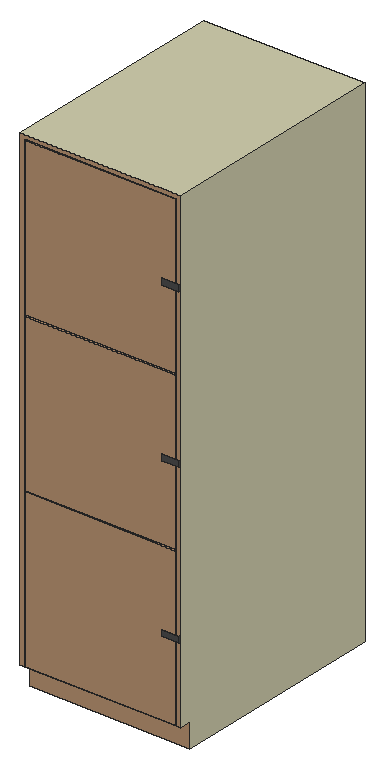
Revit family "Cabinet_Wenger_UltraStor_11", category Furniture, Revit 2015
Parameters (values of type "UltraStor Cabinet #11 - Comp Wood Doors")
  URL = "https://www.wengercorp.com/"
  Type Comments = ""
  Specification = "http://www.arcat.com/sdspecs/htm04/12_35_83wen.htm"
  Shelf Thickness = 0' - 1 1/8"
  Sales Information = "https://www.wengercorp.com/contact-us.php"
  Revision = "R1_2018-04"
  Rear Panel Thickness = 0' - 0 3/4"
  Product Data = "http://www.arcat.com/arcatcos/cos36/arc36487.html"
  Manufacturer Website = "https://www.wengercorp.com/"
  Manufacturer Phone - Toll Free = "800-4WENGER"
  Manufacturer Phone = "(507) 455-4100"
  Manufacturer Fax = "(507) 455-4258"
  Manufacturer Address = "555 Park Dr., Owatonna, MN 55060"
  Keynote = "12 35 83"
  HasDoors = yes
  Green Building-LEED = "http://www.arcat.com/green/clients/leed_data_36487.html"
  Drawn By = "Sumex Design, Inc. / Robert S. Weygant, CSI, CDT, SCIP"
  Door Width = (Cabinet Width - 0' 3") / 3  # 0' - 8.16667"
  Door Style = Door_Base : Solid Door
  Door Material [instance] = Wenger Cherry (Use Cherry Edge Band Only)
  Door Height = (Cabinet Height - 0' 4 3/4") / 5  # 1' - 4.175"
  Toe Kick Material [instance] = Wenger Cherry (Use Cherry Edge Band Only)
  RH End Panel [instance] = no
  Model = "#11"
  Manufacturer = "Wenger Corporation"
  LH End Panel [instance] = no
  End Panel Material [instance] = Wenger Cherry (Use Cherry Edge Band Only)
  Edge Banding Material [instance] = Wenger Cherry (Use Cherry Edge Band Only)
  Cost = 0
  Copyright = "© 2018 Arcat Inc."
  Construction Details = "http://www.arcat.com/details/wengerco/wengerco.html?coid=36487"
  Body Material [instance] = Wenger - Oyster
  Description = "Wenger UltraStor Cabinet #11 - Comp Wood Doors"
  Cabinet Width = 2' - 3 1/2"
  Cabinet Height = 7' - 1 5/8"
  Installed Depth = 3' - 3 1/4"
  Cabinet Panel Thickness = 0' - 0 3/4"
  Assembly Code = "E2010200"
Types (14): name | Shelf Thickness | Rear Panel Thickness | HasDoors | Door Width | Door Style | Door Material | Model | Description | Cabinet Width | Installed Depth
  Acoustic Cabinet #11 - No Doors | 0' - 1.26667" | 0' - 3 1/4" | no | 0' - 8.16667" | Door_Base : Solid Door | none | "#11A" | "Wenger Acoustic Cabinet #11 - No Doors" | 2' - 3 1/2" | 3' - 5 3/4"
  Narrow Acoustic Cabinet #11 - No Doors | 0' - 1 1/8" | 0' - 3 1/4" | no | 0' - 6.16667" | Door_Base : Solid Door | none | "#11NA" | "Wenger Narrow Acoustic Cabinet #11 - No Doors" | 1' - 9 1/2" | 3' - 5 3/4"
  Acoustic Cabinet #11 - Comp Grille Doors | 0' - 1 1/8" | 0' - 3 1/4" | yes | 0' - 8.16667" | Door_Base : Bars | Painted Black | "#11A" | "Wenger Acoustic Cabinet #11 - Comp Grille Doors" | 2' - 3 1/2" | 3' - 5 3/4"
  Acoustic Cabinet #11 - Comp Waterfall Grille Doors | 0' - 1 1/8" | 0' - 3 1/4" | yes | 0' - 8.16667" | Door_Base : Waterfall | Painted Black | "#11A" | "Wenger Acoustic Cabinet #11 - Comp Waterfall Grille Doors" | 2' - 3 1/2" | 3' - 5 3/4"
  Narrow Acoustic Cabinet #11 - Comp Waterfall Grille Doors | 0' - 1 1/8" | 0' - 3 1/4" | yes | 0' - 6.16667" | Door_Base : Waterfall | Painted Black | "#11NA" | "Wenger Narrow Acoustic Cabinet #11 - Comp Waterfall Grille Doors" | 1' - 9 1/2" | 3' - 5 3/4"
  Narrow Acoustic Cabinet #11 - Comp Grille Doors | 0' - 1 1/8" | 0' - 3 1/4" | yes | 0' - 6.16667" | Door_Base : Bars | Painted Black | "#11NA" | "Wenger Narrow Acoustic Cabinet #11 - Comp Grille Doors" | 1' - 9 1/2" | 3' - 5 3/4"
  Narrow UltraStor Cabinet #11 - Comp Waterfall Grille Doors | 0' - 1 1/8" | 0' - 0 3/4" | yes | 0' - 6.16667" | Door_Base : Waterfall | Painted Black | "#11N" | "Wenger Narrow Cabinet #11 - Comp Waterfall Grille Doors" | 1' - 9 1/2" | 3' - 3 1/4"
  Narrow UltraStor Cabinet #11 - Comp Grille Doors | 0' - 1 1/8" | 0' - 0 3/4" | yes | 0' - 6.16667" | Door_Base : Bars | Painted Black | "#11N" | "Wenger Narrow Cabinet #11 - Comp Grille Doors" | 1' - 9 1/2" | 3' - 3 1/4"
  UltraStor Cabinet #11 - Comp Waterfall Grille Doors | 0' - 1 1/8" | 0' - 0 3/4" | yes | 0' - 8.16667" | Door_Base : Waterfall | Painted Black | "#11" | "Wenger UltraStor Cabinet #11 - Comp Waterfall Grille Doors" | 2' - 3 1/2" | 3' - 3 1/4"
  UltraStor Cabinet #11 - Comp Wood Doors | 0' - 1 1/8" | 0' - 0 3/4" | yes | 0' - 8.16667" | Door_Base : Solid Door | Wenger Cherry (Use Cherry Edge Band Only) | "#11" | "Wenger UltraStor Cabinet #11 - Comp Wood Doors" | 2' - 3 1/2" | 3' - 3 1/4"
  Narrow UltraStor Cabinet #11 - No Doors | 0' - 1 1/8" | 0' - 0 3/4" | no | 0' - 6.16667" | Door_Base : Solid Door | none | "#11N" | "Wenger Narrow Cabinet #11 - No Doors" | 1' - 9 1/2" | 3' - 3 1/4"
  Narrow UltraStor Cabinet #11 - Comp Wood Doors | 0' - 1 1/8" | 0' - 0 3/4" | yes | 0' - 6.16667" | Door_Base : Solid Door | Wenger Cherry (Use Cherry Edge Band Only) | "#11N" | "Wenger Narrow Cabinet #11 - Comp Wood Doors" | 1' - 9 1/2" | 3' - 3 1/4"
  UltraStor Cabinet #11 - Comp Grille Doors | 0' - 1 1/8" | 0' - 0 3/4" | yes | 0' - 8.16667" | Door_Base : Bars | Painted Black | "#11" | "Wenger UltraStor Cabinet #11 - Comp Grille Doors" | 2' - 3 1/2" | 3' - 3 1/4"
  UltraStor Cabinet #11 - No Doors | 0' - 1.26667" | 0' - 0 3/4" | no | 0' - 8.16667" | Door_Base : Solid Door | none | "#11" | "Wenger UltraStor Cabinet #11 - No Doors" | 2' - 3 1/2" | 3' - 3 1/4"
Reference planes (in)
  plane 1 "Front": y = 0
  plane 2: z = 0
  plane 3 "Left": x = 0
  plane 4 "Right": x = 27.5
  plane 5 "Back": y = 39.25
  plane 6 "Top": z = 85.625
  plane 7: z = 4
  plane 8: z = 30.95833
  plane 9: z = 57.91667
  plane 10: x = 0.75
  plane 11: x = 26.75
  plane 12: z = 84.875
  plane 13: x = 8.91667
  plane 14: x = 9.66667
  plane 15: x = 17.83333
  plane 16: x = 18.58333
  plane 17: y = 38.5
  plane 18: y = 2
  plane 19: y = 0.75
  plane 20: z = 32.08333
  plane 21: z = 59.04167
  plane 22: z = 5.125
Forms (in)
  Extrusion 1, solid, material "Wenger - Oyster" <- "Body Material"
    sketch origin (0, 0, 0) x (0, 1, 0) y (0, 0, 1)
      loop
        line (0, 85.625) -> (0, 4) -> (2, 4) -> (2, 0) -> (39.25, 0) -> (39.25, 85.625) -> (0, 85.625)
    from 0 to 27.5
  Extrusion 2, void
    sketch origin (0, 0, 0) x (0, 1, 0) y (0, 0, 1)
      loop
        line (-5.5, 84.875) -> (-5.5, 57.91667) -> (1.92236, 57.91667)
        arc (1.92236, 57.91667) -> (1.4983, 58.45738) -> (1.85997, 59.04167) r 0.60004
        line (1.85997, 59.04167) -> (38.5, 59.04167) -> (38.5, 84.875) -> (-5.5, 84.875)
    from 0.75 to 26.75
  Extrusion 3, void
    sketch origin (0, 0, 0) x (0, 1, 0) y (0, 0, 1)
      loop
        line (-5.5, 57.91667) -> (-5.5, 30.95833) -> (0.75, 30.95833)
        arc (0.75, 30.95833) -> (1.18296, 31.73421) -> (2, 32.08333) r 1.375
        line (2, 32.08333) -> (38.5, 32.08333) -> (38.5, 57.91667) -> (-5.5, 57.91667)
    from 0.75 to 26.75
  Extrusion 4, void
    sketch origin (0, 0, 0) x (0, 1, 0) y (0, 0, 1)
      loop
        line (0, 84.875) -> (0, 4) -> (0.0625, 4) -> (0.0625, 84.875) -> (0, 84.875)
    from 0.75 to 26.75
  Extrusion 5, void
    sketch origin (0, 0, 0) x (1, 0, 0) y (0, 0, 1)
      loop
        line (0.75, 30.95833) -> (0.75, 5.125) -> (26.75, 5.125) -> (26.75, 30.95833) -> (0.75, 30.95833)
    from -38.5 to 0
Cuts and joins
  Extrusion 2, Extrusion 3, Extrusion 4, Extrusion 5 cuts Extrusion 1
Lines and regions (in)
  Masking region 1
    outline origin (0, 0, 0) x (1, 0, 0) y (0, 1, 0)
      loop
        line (0, 39.25) -> (0, 0) -> (27.5, 0) -> (27.5, 39.25) -> (0, 39.25)
Dimensions and locks (in)
  "Cabinet Panel Thickness": plane 3 "Left" to plane 10
  "Cabinet Panel Thickness": plane 11 to plane 4 "Right"
  "Cabinet Panel Thickness": plane 5 "Back" to plane 17
  locked: plane 1 "Front" to plane 19 at 0.75
  locked: plane 1 "Front" to plane 18 at 2
  "Shelf Thickness": plane 20 to plane 8
  "Shelf Thickness": plane 21 to plane 9
  "Cabinet Panel Thickness": plane 6 "Top" to plane 12
  equal spacing: plane 12, plane 9, plane 8, plane 7
  "Shelf Thickness": plane 22 to plane 7
  "Cabinet Width": plane 3 "Left" to plane 4 "Right"
  locked: plane 7 to level at 4
  "Cabinet Height": plane 6 "Top" to level
  "Installed Depth": plane 1 "Front" to plane 5 "Back"
  "Door Width": plane 13 to plane 10
  "Door Width": plane 15 to plane 14
  "Door Width": plane 11 to plane 16
  plane 3 "Left" to plane 4 "Right" = 2' - 3 1/2"
  locked: plane 16 to plane 15 at 0.75
  equal spacing: plane 14, nested 2, plane 15
  equal spacing: plane 5 "Back", nested 2, plane 1 "Front"
  nested 5 to plane 4 "Right" = 1' - 1 3/4"
  aligned and locked: Extrusion 1 sketch curve to plane 6 "Top"
  aligned and locked: Extrusion 1 sketch curve to plane 5 "Back"
  aligned and locked: Extrusion 1 sketch curve to plane 1 "Front"
  aligned and locked: Extrusion 1 sketch curve to plane 7
  aligned and locked: Extrusion 1 sketch curve to plane 18
  aligned and locked: Extrusion 1 sketch curve to level
  aligned and locked: Extrusion 1 to plane 4 "Right"
  aligned and locked: Extrusion 1 to plane 3 "Left"
  aligned and locked: Extrusion 2 sketch curve to plane 12
  aligned and locked: Extrusion 2 sketch curve to plane 17
  aligned and locked: Extrusion 2 sketch curve to plane 9
  aligned and locked: Extrusion 2 sketch curve to plane 21
  aligned and locked: Extrusion 2 to plane 10
  aligned and locked: Extrusion 3 to plane 11
  aligned and locked: Extrusion 4 sketch curve to cut or joined group of Extrusion 1, Extrusion 2, Extrusion 3, Extrusion 4, Extrusion 5  (x3)
  aligned and locked: Extrusion 4 to plane 11
  aligned and locked: Extrusion 4 to plane 10
  aligned and locked: nested 3 to plane 10
  aligned and locked: nested 3 to plane 9
  aligned and locked: cut or joined group of Extrusion 1, Extrusion 2, Extrusion 3, Extrusion 4, Extrusion 5 to plane 11  (x2)
  aligned and locked: plane 9 to cut or joined group of Extrusion 1, Extrusion 2, Extrusion 3, Extrusion 4, Extrusion 5
  aligned and locked: nested 4 to plane 8
  aligned and locked: nested 4 to plane 10
  aligned and locked: nested 5 to plane 10
  aligned and locked: plane 7 to cut or joined group of Extrusion 1, Extrusion 2, Extrusion 3, Extrusion 4, Extrusion 5
  aligned and locked: nested 5 to plane 7
  aligned and locked: plane 1 "Front" to nested 6
  aligned and locked: nested 6 to level
  aligned and locked: nested 6 to plane 4 "Right"
  aligned and locked: Masking region 1 sketch curve to plane 5 "Back"
  aligned and locked: Masking region 1 sketch curve to plane 1 "Front"
  aligned and locked: plane 3 "Left" to Masking region 1 sketch curve
  aligned and locked: plane 4 "Right" to Masking region 1 sketch curve
  aligned and locked: plane 8 to nested 5
  aligned and locked: nested 5 to plane 11
  aligned and locked: Extrusion 5 sketch curve to nested 5  (x2)
  aligned and locked: plane 22 to Extrusion 5 sketch curve
  aligned and locked: plane 11 to Extrusion 5 sketch curve
  aligned and locked: plane 17 to Extrusion 5
  aligned and locked: plane 1 "Front" to Extrusion 5
  aligned and locked: Extrusion 3 to plane 10
  aligned and locked: plane 9 to nested 4
  aligned and locked: nested 4 to plane 11
  aligned and locked: nested 3 to plane 11
Automatic sketch dimensions
  plane 19 to Extrusion 4 sketch curve = 0' - 0 11/16"
  Extrusion 3 sketch curve to plane 8 = 0' - 0"
  Extrusion 3 sketch curve to plane 19 = 0' - 0"
  Extrusion 3 sketch curve to plane 18 = 0' - 0"
  Extrusion 3 sketch curve to plane 17 = 0' - 0"
  plane 1 "Front" to Extrusion 3 sketch curve = 0' - 5 1/2"
  Extrusion 3 sketch curve to plane 18 = 0' - 0.10279"
  plane 18 to Extrusion 2 sketch curve = 0' - 0.14003"
  plane 1 "Front" to Extrusion 2 sketch curve = 0' - 5 1/2"
  Extrusion 2 sketch curve to plane 18 = 0' - 0.09742"
  Extrusion 2 sketch curve to plane 19 = 0' - 1.17236"
  Extrusion 3 sketch curve to plane 9 = 0' - 0"
  Extrusion 3 sketch curve to plane 20 = 0' - 0"
Nested families (in)
  nested 1: "End Panel" at (0, 24.25, 0) x (0, -1, 0) z (0, 0, 1), End Panel Material <- "End Panel Material", visible <- "LH End Panel", Edge Banding Material <- "Edge Banding Material", type "End Panel"
    with End Panel Material Wenger Cherry (Use Cherry Edge Band Only), Edge Banding Material Wenger Cherry (Use Cherry Edge Band Only), End Panel Depth 3' - 3 1/4"
  nested 2: "Labels" at (13.75, 19.625, 0), type "Labels"
  nested 3: "Door_Base" at (13.75, 0, 57.91667) x (1, 0, 0) z (0, -1, 0), type <- "Door Style", visible <- "HasDoors", type "Solid Door", detail levels medium+fine
    with vBars 24, Width 2' - 2", ToeKick Height 0' - 4", MidBar no, Height 2' - 2.95833", BarHt 2' - 2.45833", 2HzBars no
  nested 4: "Door_Base" at (13.75, 0, 30.95833) x (1, 0, 0) z (0, -1, 0), type <- "Door Style", visible <- "HasDoors", type "Solid Door", detail levels medium+fine
    with vBars 24, Width 2' - 2", ToeKick Height 0' - 4", MidBar no, Height 2' - 2.95833", BarHt 2' - 2.45833", 2HzBars no
  nested 5: "Door_Base" at (13.75, 0, 4) x (1, 0, 0) z (0, -1, 0), type <- "Door Style", visible <- "HasDoors", type "Solid Door", detail levels medium+fine
    with vBars 24, Width 2' - 2", ToeKick Height 0' - 4", MidBar no, Height 2' - 2.95833", BarHt 2' - 2.45833", 2HzBars no
  nested 6: "End Panel" at (28.25, 24.25, 0) x (0, -1, 0) z (0, 0, 1), End Panel Material <- "End Panel Material", Edge Banding Material <- "Edge Banding Material", visible <- "RH End Panel", type "End Panel"
    with End Panel Material Wenger Cherry (Use Cherry Edge Band Only), Edge Banding Material Wenger Cherry (Use Cherry Edge Band Only), End Panel Depth 3' - 3 1/4"
Definition of nested family "End Panel"
  Parameters (values of type "End Panel")
    End Panel Material [instance] = none
    End Panel Height = 7' - 1 5/8"
    End Panel Depth = 1' - 9 3/4"
    Edge Banding Material [instance] = none
    Default Elevation = 4' - 0"
    Assembly Code = ""
  Reference planes (in)
    plane 1 "Center (Front/Back)": y = 0
    plane 2: z = 0
    plane 3 "Center (Left/Right)": x = 0
    plane 4: x = -15
    plane 5: x = 6.75
    plane 6: z = 4
    plane 7: x = 4.75
    plane 8: z = 85.625
    plane 9: y = -0.75
  Forms (in)
    Extrusion 1, solid, material <- "End Panel Material"
      sketch origin (0, 0, 0) x (1, 0, 0) y (0, 0, 1)
        loop
          line (-15, 85.625) -> (-15, 0) -> (4.75, 0) -> (4.75, 4) -> (6.75, 4) -> (6.75, 85.625) -> (-15, 85.625)
      from 0 to 0.75
  Lines and regions (in)
    Masking region 1, detail levels coarse+medium
      outline origin (0, 0, 0) x (1, 0, 0) y (0, 1, 0)
        loop
          line (-15, 0) -> (-15, -0.75) -> (6.75, -0.75) -> (6.75, 0) -> (-15, 0)
  Dimensions and locks (in)
    locked: plane 7 to plane 5 at 2
    locked: plane 6 to level at 4
    "End Panel Height": plane 8 to level
    "End Panel Depth": plane 5 to plane 4
    locked: plane 9 to plane 1 "Center (Front/Back)" at 0.75
    aligned and locked: plane 4 to Extrusion 1 sketch curve
    aligned and locked: level to Extrusion 1 sketch curve
    aligned and locked: plane 7 to Extrusion 1 sketch curve
    aligned and locked: plane 6 to Extrusion 1 sketch curve
    aligned and locked: Extrusion 1 sketch curve to plane 5
    aligned and locked: Extrusion 1 sketch curve to plane 8
    aligned and locked: Extrusion 1 to plane 9
    aligned and locked: Extrusion 1 to plane 1 "Center (Front/Back)"
    aligned and locked: plane 4 to Masking region 1 sketch curve
    aligned and locked: Masking region 1 sketch curve to plane 5
    aligned and locked: plane 1 "Center (Front/Back)" to Masking region 1 sketch curve
    aligned and locked: plane 9 to Masking region 1 sketch curve
Definition of nested family "Door_Base"
  Parameters (values of type "None")
    vBars [instance] = (Width - 0' 2") / 0' 1"  # 6
    Width [instance] = 0' - 8"
    ToeKick Height [instance] = 0' - 4"
    Thickness = 0' - 0 3/4"
    Solid Door = no
    Shelf Thickness = 0' - 0 3/4"
    Panel Thickness = 0' - 0 3/4"
    MidBar [instance] = and(Height < 1' 6", HasDoor, not(Solid Door))  # no
    Height [instance] = 1' - 2 5/8"
    HasDoor = no
    Edge Banding = none
    DoorGap = 0' - 0 1/8"
    Door Finish = none
    Depth = 2' - 0"
    Default Elevation = 4' - 0"
    Bars = no
    BarStyle = Bars : Waterfall
    BarHt [instance] = Height - 0' 0 1/2"  # 1' - 2 1/8"
    2HzBars [instance] = and(Height > 1' 6", not(Solid Door))  # no
  Types (4): name | Thickness | Solid Door | MidBar | HasDoor | Bars | BarStyle
    Solid Door | 0' - 0 3/4" | yes | no | yes | no | Bars : Waterfall
    Bars | 0' - 0 1/4" | no | yes | yes | yes | Bars : Straight
    Waterfall | 0' - 0 3/4" | no | yes | yes | yes | Bars : Waterfall
    None | 0' - 0 3/4" | no | no | no | no | Bars : Waterfall
  Reference planes (in)
    plane 1 "Center (Front/Back)": y = 0
    plane 2: z = 0
    plane 3 "Center (Left/Right)": x = 0
    plane 4: x = -4
    plane 5: y = 14.625
    plane 6: x = 4
    plane 7: z = -0.75
    plane 8: x = -3.875
    plane 9: x = 3.875
    plane 10: y = 0.125
    plane 11: y = 14.5
    plane 12: y = -0.75
    plane 13 "CL Elev": y = 7.3125
    plane 14: x = -3.75
    plane 15: x = 3.75
    plane 16 "BtmRail": y = 0.25
    plane 17: y = 14.375
    plane 18: z = -0.125
    plane 19: x = -2.75
    plane 20: x = 2.75
    plane 21: y = 9.66667
    plane 22: y = 4.95833
  Forms (in)
    Extrusion 1, solid, material <- "Door Finish", visible <- "Solid Door", detail levels medium+fine
      sketch origin (0, 0, 0) x (1, 0, 0) y (0, 1, 0)
        loop
          arc (-3.75, 14.5) -> (-3.83839, 14.46339) -> (-3.875, 14.375) r 0.125
          line (-3.875, 14.375) -> (-3.875, 0.25)
          arc (-3.875, 0.25) -> (-3.83839, 0.16161) -> (-3.75, 0.125) r 0.125
          line (-3.75, 0.125) -> (3.75, 0.125)
          arc (3.75, 0.125) -> (3.83839, 0.16161) -> (3.875, 0.25) r 0.125
          line (3.875, 0.25) -> (3.875, 14.375)
          arc (3.875, 14.375) -> (3.83839, 14.46339) -> (3.75, 14.5) r 0.125
          line (3.75, 14.5) -> (-3.75, 14.5)
      from 0 to -0.75
    Sweep 2, solid, material <- "Door Finish", visible <- "Bars", detail levels medium+fine
      path origin (0, 0, 0) x (1, 0, 0) y (0, 1, 0)
        loop
          arc (-3.125, 14.5) -> (-3.65533, 14.28033) -> (-3.875, 13.75) r 0.75
          line (-3.875, 13.75) -> (-3.875, 0.875)
          arc (-3.875, 0.875) -> (-3.65533, 0.34467) -> (-3.125, 0.125) r 0.75
          line (-3.125, 0.125) -> (3.125, 0.125)
          arc (3.125, 0.125) -> (3.65533, 0.34467) -> (3.875, 0.875) r 0.75
          line (3.875, 0.875) -> (3.875, 13.75)
          arc (3.875, 13.75) -> (3.65533, 14.28033) -> (3.125, 14.5) r 0.75
          line (3.125, 14.5) -> (-3.125, 14.5)
      profile origin (0, 14.5, 0) x (0, 1, 0) y (0, 0, 1)
        loop
          circle (-0.125, -0.125) r 0.125
    Extrusion 3, solid, material <- "Door Finish", visible <- "MidBar", detail levels medium+fine
      sketch origin (0, 0, 0) x (0, 1, 0) y (0, 0, 1)
        loop
          circle (7.3125, -0.125) r 0.125
      from -3.75 to 3.75
    Extrusion 4, solid, visible <- "HasDoor", detail levels fine
      sketch origin (0, 0, 0) x (1, 0, 0) y (0, 1, 0)
        loop
          line (1.5, 7.8125) -> (1.5, 6.8125) -> (4.5, 6.8125) -> (4.5, 7.8125) -> (1.5, 7.8125)
      from 0 to 0.125
    Extrusion 5, solid, material <- "Door Finish", visible <- "2HzBars", detail levels medium+fine
      sketch origin (0, 0, 0) x (0, 1, 0) y (0, 0, 1)
        loop
          circle (9.66667, -0.125) r 0.125
        loop
          circle (4.95833, -0.125) r 0.125
      from -3.75 to 3.75
  Lines and regions (in)
    symbolic lines, visible <- "HasDoor", detail levels medium+fine
      curve 1: line (4, 0.25, 0) -> (-4, 0.25, 0)
      curve 2: line (-4, 0.25, 0) -> (-4, 0.25, 8)
      curve 3: arc (4, 0.25, 0) -> (1.65685, 0.25, 5.65685) -> (-4, 0.25, 8) r 8
    symbolic lines, visible <- "HasDoor"
      curve 4: line (3.875, 0.25, 0) -> (3.875, 0.25, -0.75)
      curve 5: line (3.875, 0.25, -0.75) -> (-3.875, 0.25, -0.75)
      curve 6: line (-3.875, 0.25, -0.75) -> (-3.875, 0.25, 0)
    symbolic lines, detail levels medium
      curve 7: line (3.875, 14.5, 0) -> (-3.875, 7.3125, 0)
      curve 8: line (-3.875, 7.3125, 0) -> (3.875, 0.125, 0)
  Dimensions and locks (in)
    "Height": plane 1 "Center (Front/Back)" to plane 5
    "Thickness": level to plane 7
    equal spacing: plane 4, plane 3 "Center (Left/Right)", plane 6
    "Width": plane 4 to plane 6
    "DoorGap": plane 5 to plane 11
    "DoorGap": plane 9 to plane 6
    "DoorGap": plane 4 to plane 8
    "DoorGap": plane 1 "Center (Front/Back)" to plane 10
    "Shelf Thickness": plane 1 "Center (Front/Back)" to plane 12
    equal spacing: plane 1 "Center (Front/Back)", plane 13 "CL Elev", plane 5
    locked: plane 15 to plane 9 at 0.125
    locked: plane 8 to plane 14 at 0.125
    locked: plane 11 to plane 17 at 0.125
    locked: plane 16 "BtmRail" to plane 10 at 0.125
    locked: level to plane 18 at 0.125
    plane 19 to plane 14 = 0' - 1"
    locked: plane 15 to plane 20 at 1
    Extrusion 4 sketch curve to plane 13 "CL Elev" to Extrusion 4 sketch curve = 0' - 0 1/2" locked, 0' - 0 1/2" locked
    locked: plane 6 to Extrusion 4 sketch curve at 0.5
    locked: Extrusion 4 sketch curve to plane 6 at 2.5
    locked: Extrusion 4 to level at 0.125
    equal spacing: group 1, group 3, group 4, group 5, group 6, group 2  (x3)
    equal spacing: plane 17, plane 21, plane 22, plane 16 "BtmRail"
    "Width": radius of curve 3
    aligned and locked: plane 2 to level
    aligned and locked: Extrusion 1 sketch curve to plane 11
    aligned and locked: plane 8 to Extrusion 1 sketch curve
    aligned and locked: Extrusion 1 sketch curve to plane 9
    aligned and locked: plane 10 to Extrusion 1 sketch curve
    aligned and locked: Extrusion 1 to plane 7
    aligned and locked: level to Extrusion 1
    aligned and locked: Sweep 2 sketch curve to plane 11
    aligned and locked: plane 8 to Sweep 2 sketch curve
    aligned and locked: plane 10 to Sweep 2 sketch curve
    aligned and locked: Sweep 2 sketch curve to plane 9
    aligned and locked: plane 15 to Extrusion 3
    aligned and locked: Extrusion 3 to plane 14
    aligned and locked: plane 20 to nested 2
    aligned and locked: plane 19 to nested 1
    aligned and locked: plane 21 to Extrusion 5 sketch curve
    aligned and locked: plane 18 to Extrusion 5 sketch curve  (x2)
    aligned and locked: plane 22 to Extrusion 5 sketch curve
    aligned and locked: Extrusion 5 to Extrusion 3  (x2)
    aligned and locked: plane 4 to curve 3  (x2)
    aligned and locked: level to curve 3
    aligned and locked: plane 7 to curve 5
    aligned and locked: Extrusion 1 to plane 8
    aligned and locked: plane 9 to Extrusion 1
    aligned and locked: plane 10 to curve 8
    aligned and locked: plane 9 to curve 8
    aligned and locked: plane 13 "CL Elev" to curve 8
    aligned and locked: plane 11 to curve 7
    aligned and locked: plane 9 to curve 7
  Automatic sketch dimensions
    plane 8 to Sweep 2 sketch curve = 0' - 0 3/4"  (x2)
    Sweep 2 sketch curve to plane 9 = 0' - 0 3/4"
    Sweep 2 sketch curve to Sweep 2 sketch curve = 0' - 0 3/4"
    Sweep 2 sketch curve to level = 0' - 0 1/8"
    profile plane to Sweep 2 sketch curve = 0' - 0 1/8"
    Extrusion 3 sketch curve to level = 0' - 0 1/8"
    Extrusion 3 sketch curve to plane 13 "CL Elev" = 0' - 0"
    curve 8 to plane 8 = 0' - 0"
    Extrusion 1 sketch curve to plane 14 = 0' - 0"  (x2)
    Extrusion 1 sketch curve to plane 15 = 0' - 0"  (x2)
    curve 5 to plane 9 = 0' - 0"
    curve 6 to plane 8 = 0' - 0"
    radius of Sweep 2 sketch curve = 0' - 0 1/8"
    radius of Extrusion 3 sketch curve = 0' - 0 1/8"
    radius of Extrusion 5 sketch curve = 0' - 0 1/8"  (x2)
  Nested families (in)
    nested 1: "Bars" at (-2.75, 0.25, -0.125) x (1, 0, 0) z (0, 1, 0), type <- "BarStyle", visible <- "Bars", type "Waterfall", detail levels fine
      with Lateral Deviation 0' - 1", Height 1' - 2 1/8"
    nested 2: "Bars" at (2.75, 0.25, -0.125) x (1, 0, 0) z (0, 1, 0), type <- "BarStyle", visible <- "Bars", type "Waterfall", detail levels fine
      with Lateral Deviation 0' - 1", Height 1' - 2 1/8"
    nested 3: "Bars" at (-1.65, 0.25, -0.125) x (1, 0, 0) z (0, 1, 0), type <- "BarStyle", visible <- "Bars", type "Waterfall", detail levels fine
      with Lateral Deviation 0' - 1", Height 1' - 2 1/8"
    nested 4: "Bars" at (-0.55, 0.25, -0.125) x (1, 0, 0) z (0, 1, 0), type <- "BarStyle", visible <- "Bars", type "Waterfall", detail levels fine
      with Lateral Deviation 0' - 1", Height 1' - 2 1/8"
    nested 5: "Bars" at (0.55, 0.25, -0.125) x (1, 0, 0) z (0, 1, 0), type <- "BarStyle", visible <- "Bars", type "Waterfall", detail levels fine
      with Lateral Deviation 0' - 1", Height 1' - 2 1/8"
    nested 6: "Bars" at (1.65, 0.25, -0.125) x (1, 0, 0) z (0, 1, 0), type <- "BarStyle", visible <- "Bars", type "Waterfall", detail levels fine
      with Lateral Deviation 0' - 1", Height 1' - 2 1/8"
  Definition of nested family "Bars"
    Parameters (values of type "Straight")
      WaterFall = no
      Straight = yes
      Lateral Deviation = 0' - 1 1/2"
      Height = 1' - 2 5/8"
      Default Elevation = 4' - 0"
      Bars = none
    Types (3): name | WaterFall | Straight
      (no name) | no | yes
      Waterfall | yes | no
      Straight | no | yes
    Reference planes (in)
      plane 1 "Center (Front/Back)": y = 0
      plane 2: z = 0
      plane 3 "Center (Left/Right)": x = 0
      plane 4: z = 14.625
      plane 5: z = 7.3125
      plane 6: x = 0.75
      plane 7: x = -0.75
      plane 8: z = 10.96875
      plane 9: z = 3.65625
    Forms (in)
      Sweep 1, solid, material <- "Bars", visible <- "WaterFall"
        path origin (0, 0, 0) x (1, 0, 0) y (0, 0, 1)
          loop
            arc (0, 0) -> (0.56057, 1.79006) -> (0.75, 3.65625) r 9.28711
            arc (0.75, 3.65625) -> (0.56057, 5.52244) -> (0, 7.3125) r 9.28711
        profile origin (0.56057, 0, 1.79006) x (-0.979603, 0, 0.200944) y (0, -1, 0)
          loop
            circle (0, 0) r 0.0625
      Sweep 2, solid, material <- "Bars", visible <- "WaterFall"
        path origin (0, 0, 14.625) x (-1, 0, 0) y (0, 0, -1)
          loop
            arc (0, 0) -> (0.56057, 1.79006) -> (0.75, 3.65625) r 9.28711
            arc (0.75, 3.65625) -> (0.56057, 5.52244) -> (0, 7.3125) r 9.28711
        profile origin (-0.56057, 0, 12.83494) x (0.979603, 0, -0.200944) y (0, -1, 0)
          loop
            circle (0, 0) r 0.0625
      Extrusion 3, solid, material <- "Bars", visible <- "Straight"
        sketch origin (0, 0, 0) x (1, 0, 0) y (0, 1, 0)
          loop
            circle (0, 0) r 0.0625
        from 0 to 14.625
    Dimensions and locks (in)
      "Height": plane 4 to level
      equal spacing: plane 6, plane 3 "Center (Left/Right)", plane 7
      "Lateral Deviation": plane 6 to plane 7
      equal spacing: plane 4, plane 8, plane 5, plane 9, level
      aligned and locked: plane 2 to level
      aligned and locked: plane 3 "Center (Left/Right)" to Sweep 1 sketch curve  (x2)
      aligned and locked: level to Sweep 1 sketch curve
      aligned and locked: plane 6 to Sweep 1 sketch curve
      aligned and locked: plane 9 to Sweep 1 sketch curve
      aligned and locked: plane 4 to Sweep 2 sketch curve
      aligned and locked: plane 3 "Center (Left/Right)" to Sweep 2 sketch curve  (x2)
      aligned and locked: plane 8 to Sweep 2 sketch curve
      aligned and locked: plane 7 to Sweep 2 sketch curve
      aligned and locked: plane 5 to Sweep 2 sketch curve
      aligned and locked: plane 4 to Extrusion 3
      aligned and locked: Extrusion 3 to level
    Automatic sketch dimensions
      plane 1 "Center (Front/Back)" to Sweep 1 sketch curve = 0' - 0"
      Sweep 1 sketch curve to profile plane = 0' - 0"
      Sweep 1 sketch curve to Sweep 1 sketch curve = 0' - 0"
      Sweep 2 sketch curve to plane 1 "Center (Front/Back)" = 0' - 0"
      Sweep 2 sketch curve to profile plane = 0' - 0"
      plane 1 "Center (Front/Back)" to Extrusion 3 sketch curve = 0' - 0"
      Extrusion 3 sketch curve to plane 3 "Center (Left/Right)" = 0' - 0"
      radius of Sweep 1 sketch curve = 0' - 0 1/16"
      radius of Sweep 2 sketch curve = 0' - 0 1/16"
      radius of Extrusion 3 sketch curve = 0' - 0 1/16"
Definition of nested family "Labels"
  Parameters
    Cabinet Label = "01"
  Reference planes (in)
    plane 1: y = 0
    plane 2: x = 0
  Text (in)
    label "xxxx" at (-0.00018, 0.00754, 0), shows "Cabinet Label"
